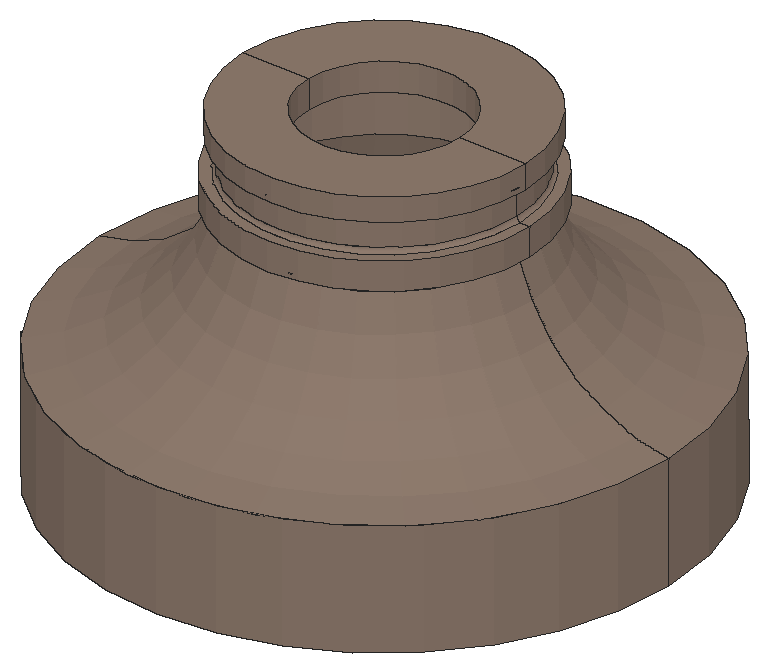
Revit family "CCS1309", category Generic Models, Revit 2014
Parameters
  SHELL = Bronze, Architectural
Reference planes (in)
  plane 1 "Center (Front/Back)": y = 0
  plane 2: z = 0
  plane 3 "Center (Left/Right)": x = 0
Forms (in)
  Revolve 1, solid, material "Bronze, Architectural" <- "SHELL"
    sketch origin (0, 0, 0) x (1, 0, 0) y (0, 0, 1)
      loop
        line (-3.844, 8.308) -> (-3.726, 8.308)
        arc (-3.726, 8.308) -> (-3.63408, 8.26992) -> (-3.596, 8.178) r 0.13
        line (-3.596, 8.178) -> (-3.596, 7.564)
        arc (-3.596, 7.564) -> (-3.62118, 7.48711) -> (-3.68696, 7.44) r 0.13
        line (-3.68696, 7.44) -> (-3.968, 7.44) -> (-3.968, 6.696) -> (-3.85575, 6.696)
        arc (-3.85575, 6.696) -> (-3.72688, 6.66776) -> (-3.69864, 6.53889) r 0.1223
        arc (-3.69864, 6.53889) -> (-5.19555, 4.1965) -> (-7.75, 3.1) r 4.72862
        line (-7.75, 3.1) -> (-7.75, 0) -> (-7.502, 0) -> (-7.502, 2.37607)
        arc (-7.502, 2.37607) -> (-7.37126, 2.7569) -> (-7.03417, 2.97711) r 0.62
        arc (-7.03417, 2.97711) -> (-4.71517, 4.20478) -> (-3.34015, 6.43956) r 4.9878
        line (-3.34015, 6.43956) -> (-3.34015, 8.178) -> (-2.0635, 8.178) -> (-2.0635, 8.928) -> (-3.844, 8.928) -> (-3.844, 8.308)
      axis (0, 8.928) -> (0, 0)
    angle from 0 to 360
Dimensions and locks (in)
  aligned and locked: plane 2 to level
